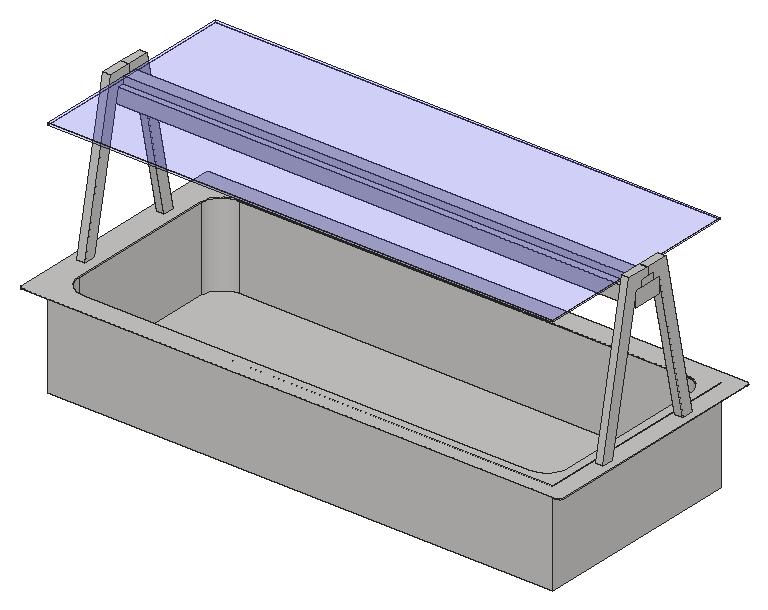
Revit family "QF_ELECTROLUXPROFESSIONAL_341173_D14C4O", category Attrezzature speciali, Revit 2020
Family settings
  Quota connettore circolare = Usa diametro
  Tipo di parte = Normale
  Basato su piano di lavoro = No
  Sempre verticale = Sì
  Taglio con vuoti quando caricato = No
  Condiviso = No
  Punto di calcolo locali = No
Parameters (values of type "Standard")
  Weight = 67.60 kg
  Watts = 0 W
  Volts = 220 V
  URL Manufacturer = "https://www.electroluxprofessional.com/"
  URL = "https://www.electroluxprofessional.com/"
  Steam Supply Size = 0 mm
  Steam Supply Minimum Pressure = 0.0 Pa
  Steam Supply Maximum Pressure = 0.0 Pa
  Steam Consumption per Hour = 0
  Refrigeration Suction Line Size = 0 mm
  Refrigeration Liquid Line Size = 0 mm
  Refrigerant Compressor Remote = yes
  Prospetto di default = 0 mm
  Produttore = "Electrolux Professional"
  Phase = 1
  Modello = "D14C4O"
  Length Actual = 1420 mm  # constant formula
  Item Number = "341173"
  Hot Water Size = 0 mm
  Height Actual = 794 mm  # constant formula
  HP = "0 HP"
  Gas Size = 0 mm
  Gas KW = 0
  Gas Input Pressure = 0 W
  Direct Waste Size = 0 mm
  Descrizione = "DROP-IN REFRIGERATED S/S SURFACE, 4GN WITH A TYPE OVERSHELF AND LED LIGHT"
  Depth Actual = 620 mm  # constant formula
  Cycle = 50 Hz
  Condensate Return Size = 0 mm
  Compressed Air Volume = 0.0 L/s
  Compressed Air Size = 0 mm
  Compressed Air Pressure = 0.0 Pa
  Cold Water Size = 0 mm
  Accessory = yes
Reference planes
  plane 1 "BACK": y = 0
  plane 2: z = 5.426
  plane 3 "LEFT": x = 0
  plane 4: y = -620
  plane 5: x = 1420
  plane 6: z = 409.426
  plane 7: y = -310
  plane 8: x = 710
Forms (mm)
  Extrusion 1, solid, material "QF_Finishes_Stainless Steel"
    sketch origin (0, 0, 5.426) x (1, 0, 0) y (0, 1, 0)
      loop
        arc (10, 0) -> (2.929, -2.929) -> (0, -10) r 10
        line (0, -10) -> (0, -610)
        arc (0, -610) -> (2.929, -617.071) -> (10, -620) r 10
        line (10, -620) -> (1410, -620)
        arc (1410, -620) -> (1417.071, -617.071) -> (1420, -610) r 10
        line (1420, -610) -> (1420, -10)
        arc (1420, -10) -> (1417.071, -2.929) -> (1410, 0) r 10
        line (1410, 0) -> (10, 0)
    from 0 to 1
  Extrusion 2, solid, material "QF_Finishes_Stainless Steel"
    sketch origin (0, 0, 12.548) x (1, 0, 0) y (0, 1, 0)
      loop
        line (50, -35) -> (50, -585) -> (1370, -585) -> (1370, -35) -> (50, -35)
    from -251.122 to -7.122
  Extrusion 3, void
    sketch origin (0, 0, -2.817) x (1, 0, 0) y (0, 1, 0)
      loop
        arc (125, -55) -> (86.109, -71.109) -> (70, -110) r 55
        line (70, -110) -> (70, -510)
        arc (70, -510) -> (86.109, -548.891) -> (125, -565) r 55
        line (125, -565) -> (1295, -565)
        arc (1295, -565) -> (1333.891, -548.891) -> (1350, -510) r 55
        line (1350, -510) -> (1350, -110)
        arc (1350, -110) -> (1333.891, -71.109) -> (1295, -55) r 55
        line (1295, -55) -> (125, -55)
    from -209.107 to 9.244
  Extrusion 4, solid, material "QF_Finishes_Stainless Steel"
    sketch origin (21.5, -620, 0) x (0, -1, 0) y (0, 0, -1)
      loop
        line (-310, -409.426) -> (-250.873, -409.426) -> (-165, -5.426) -> (-195, -5.426) -> (-272.583, -370.426) -> (-310, -370.426) -> (-310, -409.426)
    from 0 to 20
  Extrusion 5, solid, material "QF_Finishes_Stainless Steel"
    sketch origin (21.5, 0, 0) x (0, 1, 0) y (0, 0, 1)
      loop
        line (-310, 409.426) -> (-310, 370.426) -> (-272.583, 370.426) -> (-195, 5.426) -> (-165, 5.426) -> (-250.873, 409.426) -> (-310, 409.426)
    from 0 to 20
  Extrusion 6, solid, material "QF_Finishes_Stainless Steel"
    sketch origin (1398.5, -620, 0) x (0, -1, 0) y (0, 0, 1)
      loop
        line (-310, 409.426) -> (-310, 370.426) -> (-272.583, 370.426) -> (-195, 5.426) -> (-165, 5.426) -> (-250.873, 409.426) -> (-310, 409.426)
    from 0 to 20
  Extrusion 7, solid, material "QF_Finishes_Stainless Steel"
    sketch origin (1398.5, 0, 0) x (0, 1, 0) y (0, 0, -1)
      loop
        line (-310, -409.426) -> (-250.873, -409.426) -> (-165, -5.426) -> (-195, -5.426) -> (-272.583, -370.426) -> (-310, -370.426) -> (-310, -409.426)
    from 0 to 20
  Extrusion 8, solid, material "QF_Finishes_Stainless Steel"
    sketch origin (0, 0, 0) x (0, 1, 0) y (0, 0, 1)
      loop
        line (-291.292, 370.426) -> (-291.292, 387.956) -> (-328.917, 387.956) -> (-328.917, 370.426) -> (-291.292, 370.426)
    from 21.5 to 1398.5
  Extrusion 9, solid, material "Vetro"
    sketch origin (0, 0, 5.426) x (1, 0, 0) y (0, 1, 0)
      loop
        line (50, -35) -> (50, -585) -> (1370, -585) -> (1370, -35) -> (50, -35)
    from 382.529 to 387.529
  Extrusion 10, solid, material "QF_Finishes_Stainless Steel"
    sketch origin (329.693, -341.308, -643.387) x (0, 0, -1) y (0, 1, 0)
      loop
        circle (-372.814, -140.692) r 12.7
    from 5 to 70.307
  Extrusion 11, solid, material "QF_Finishes_Stainless Steel"
    sketch origin (0, 0, 0) x (0, 1, 0) y (0, 0, 1)
      loop
        line (-272.583, 370.426) -> (-347.583, 370.426) -> (-347.583, 330.426) -> (-272.583, 330.426) -> (-272.583, 370.426)
    from 21.5 to 1398.5
  Extrusion 12, solid, material "QF_Finishes_Stainless Steel"
    sketch origin (34.947, 0, 0) x (0, 1, 0) y (0, 0, 1)
      loop
        line (-280.414, 330.426) -> (-340.414, 330.426) -> (-340.414, 325.426) -> (-280.414, 325.426) -> (-280.414, 330.426)
    from 113.553 to 313.553
  Extrusion 13, solid, material "QF_Finishes_Stainless Steel"
    sketch origin (769.053, 0, 0) x (0, 1, 0) y (0, 0, -1)
      loop
        line (-280.414, -330.426) -> (-280.414, -325.426) -> (-340.414, -325.426) -> (-340.414, -330.426) -> (-280.414, -330.426)
    from 113.553 to 313.553
  Extrusion 14, solid, material "QF_Finishes_Stainless Steel"
    sketch origin (1385.053, 0, 0) x (0, 1, 0) y (0, 0, -1)
      loop
        line (-280.414, -330.426) -> (-280.414, -325.426) -> (-340.414, -325.426) -> (-340.414, -330.426) -> (-280.414, -330.426)
    from 113.553 to 313.553
  Extrusion 15, solid, material "QF_Finishes_Stainless Steel"
    sketch origin (650.947, 0, 0) x (0, 1, 0) y (0, 0, 1)
      loop
        line (-280.414, 330.426) -> (-340.414, 330.426) -> (-340.414, 325.426) -> (-280.414, 325.426) -> (-280.414, 330.426)
    from 113.553 to 313.553
  Extrusion 16, solid, material "QF_Finishes_Stainless Steel"
    sketch origin (0, 0, 5.426) x (1, 0, 0) y (0, 1, 0)
      loop
        circle (386.025, -481.971) r 12.675
    from -276 to -244
Cuts and joins
  Extrusion 3 cuts Extrusion 1
  Extrusion 3 cuts Extrusion 2
Dimensions and locks
  equal spacing: Extrusion 1, Extrusion 2 sketch curve, Extrusion 2 sketch curve, Extrusion 1  (x2)
  Extrusion 1 to Extrusion 1 = 1420 mm
  Extrusion 1 to plane 1 "BACK" = 620 mm
  equal spacing: Extrusion 2, Extrusion 3 sketch curve, Extrusion 3 sketch curve, Extrusion 2  (x2)
  plane 6 to plane 2 = 404 mm
  equal spacing: plane 3 "LEFT", plane 8, plane 5
  Extrusion 11 sketch curve to cut or joined group of Extrusion 1, Extrusion 3 = 324 mm
  Extrusion 5 to plane 8 to Extrusion 7 = 668.5 mm, 668.5 mm
  aligned and locked: level to plane 2
Automatic sketch dimensions
  Extrusion 1 sketch curve to plane 3 "LEFT" = 0 mm
  plane 4 to Extrusion 1 sketch curve = 0 mm
  plane 1 "BACK" to Extrusion 1 sketch curve = 0 mm
  Extrusion 1 sketch curve to plane 5 = 0 mm
  plane 3 "LEFT" to Extrusion 1 sketch curve = 10 mm  (x2)
  plane 5 to Extrusion 1 sketch curve = 10 mm  (x2)
  plane 3 "LEFT" to Extrusion 2 sketch curve = 50 mm
  plane 5 to Extrusion 2 sketch curve = 50 mm
  Extrusion 2 sketch curve to plane 4 = 35 mm
  plane 1 "BACK" to Extrusion 2 sketch curve = 35 mm
  plane 3 "LEFT" to Extrusion 3 sketch curve = 70 mm
  Extrusion 3 sketch curve to Extrusion 3 sketch curve = 55 mm  (x3)
  Extrusion 3 sketch curve to plane 4 = 55 mm
  plane 5 to Extrusion 3 sketch curve = 125 mm  (x2)
  plane 1 "BACK" to Extrusion 3 sketch curve = 110 mm
  Extrusion 4 sketch curve to plane 7 = 0 mm
  plane 6 to Extrusion 4 sketch curve = 0 mm
  Extrusion 4 sketch curve to level = 0 mm
  Extrusion 4 sketch curve to Extrusion 4 sketch curve = 37.417 mm
  Extrusion 4 sketch curve to Extrusion 4 sketch curve = 21.71 mm
  plane 7 to Extrusion 4 sketch curve = 115 mm
  Extrusion 4 sketch curve to Extrusion 4 sketch curve = 30 mm
  Extrusion 4 sketch curve to Extrusion 4 sketch curve = 39 mm
  Extrusion 5 sketch curve to plane 7 = 0 mm
  plane 6 to Extrusion 5 sketch curve = 0 mm
  Extrusion 5 sketch curve to level = 0 mm
  Extrusion 5 sketch curve to Extrusion 5 sketch curve = 37.417 mm
  Extrusion 5 sketch curve to Extrusion 5 sketch curve = 21.71 mm
  plane 7 to Extrusion 5 sketch curve = 115 mm
  Extrusion 5 sketch curve to Extrusion 5 sketch curve = 30 mm
  Extrusion 5 sketch curve to Extrusion 5 sketch curve = 39 mm
  Extrusion 6 sketch curve to plane 7 = 0 mm
  plane 6 to Extrusion 6 sketch curve = 0 mm
  Extrusion 6 sketch curve to level = 0 mm
  Extrusion 6 sketch curve to Extrusion 6 sketch curve = 37.417 mm
  Extrusion 6 sketch curve to Extrusion 6 sketch curve = 21.71 mm
  Extrusion 6 sketch curve to plane 7 = 115 mm
  Extrusion 6 sketch curve to Extrusion 6 sketch curve = 30 mm
  Extrusion 6 sketch curve to Extrusion 6 sketch curve = 39 mm
  Extrusion 7 sketch curve to plane 7 = 0 mm
  plane 6 to Extrusion 7 sketch curve = 0 mm
  Extrusion 7 sketch curve to level = 0 mm
  Extrusion 7 sketch curve to Extrusion 7 sketch curve = 37.417 mm
  Extrusion 7 sketch curve to Extrusion 7 sketch curve = 21.71 mm
  plane 7 to Extrusion 7 sketch curve = 115 mm
  Extrusion 7 sketch curve to Extrusion 7 sketch curve = 30 mm
  Extrusion 7 sketch curve to Extrusion 7 sketch curve = 39 mm
  Extrusion 8 sketch curve to plane 7 = 18.917 mm
  plane 7 to Extrusion 8 sketch curve = 18.708 mm
  plane 6 to Extrusion 8 sketch curve = 39 mm
  Extrusion 8 sketch curve to Extrusion 8 sketch curve = 17.529 mm
  plane 3 "LEFT" to Extrusion 9 sketch curve = 50 mm
  plane 5 to Extrusion 9 sketch curve = 50 mm
  Extrusion 9 sketch curve to plane 4 = 35 mm
  plane 1 "BACK" to Extrusion 9 sketch curve = 35 mm
  Extrusion 11 sketch curve to plane 7 = 37.583 mm
  plane 7 to Extrusion 11 sketch curve = 37.417 mm
  plane 6 to Extrusion 11 sketch curve = 39 mm
  Extrusion 12 sketch curve to plane 7 = 30.414 mm
  plane 7 to Extrusion 12 sketch curve = 29.586 mm
  plane 6 to Extrusion 12 sketch curve = 84 mm
  Extrusion 12 sketch curve to Extrusion 12 sketch curve = 5 mm
  Extrusion 13 sketch curve to plane 7 = 30.414 mm
  plane 7 to Extrusion 13 sketch curve = 29.586 mm
  plane 6 to Extrusion 13 sketch curve = 79 mm
  Extrusion 13 sketch curve to Extrusion 13 sketch curve = 5 mm
  Extrusion 14 sketch curve to plane 7 = 30.414 mm
  plane 7 to Extrusion 14 sketch curve = 29.586 mm
  plane 6 to Extrusion 14 sketch curve = 79 mm
  Extrusion 14 sketch curve to Extrusion 14 sketch curve = 5 mm
  Extrusion 15 sketch curve to plane 7 = 30.414 mm
  plane 7 to Extrusion 15 sketch curve = 29.586 mm
  plane 6 to Extrusion 15 sketch curve = 84 mm
  Extrusion 15 sketch curve to Extrusion 15 sketch curve = 5 mm
  Extrusion 16 sketch curve to plane 4 = 138.029 mm
  Extrusion 16 sketch curve to plane 8 = 323.975 mm
  Extrusion 10 sketch curve to level = 276 mm
  Extrusion 10 sketch curve to plane 4 = 138 mm
  radius of Extrusion 16 sketch curve = 12.675 mm
  radius of Extrusion 10 sketch curve = 12.7 mm
Connectors
  piping at (334.693, -482, -270.574), diameter 25.4
    settings: on Extrusion 10, index 5, connector inside diameter 609.6 mm, connector length 0 mm, flow factor 0, pipe flow 0.0 L/s, pressure drop 0.0 Pa, fitting loss kfactor 0, connector angle 0.00°, fixture units 0, engagement length 0 mm, angle of deflection 0.00°, flow configuration 0, flow direction 0, fitting loss method 0, system type 29, joint type 0, gender type 0, connector reference index -1, connector utility 0, adjustable connector no, is connector primary yes, connector description "D"
